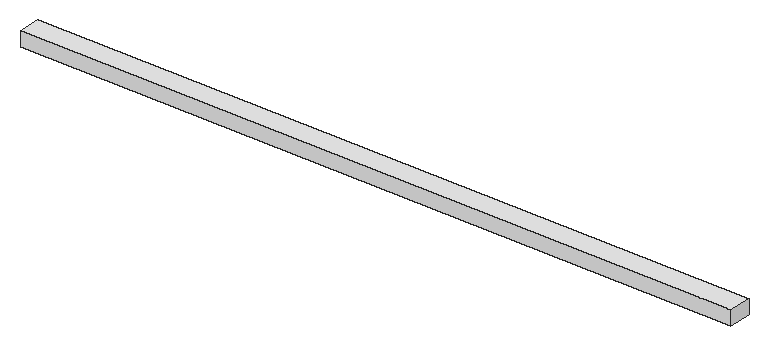
Revit family "Lighting-Surface-Acclaim-Flex 120", category Lighting Fixtures, host Face, Revit 2016
Family settings
  Host = Face
  Part Type = Normal
  Round Connector Dimension = Use Diameter
  Cut with Voids When Loaded = No
  Light Source = Yes
  Shared = No
  Room Calculation Point = No
Parameters
  Width = 0.75"
  Wattage = 9.2903 W
  built-in parameter 1150110 = 1 (stored number, unit not read)
  Voltage = 0 V
  URL = "http://www.acclaimlighting.com/"
  built-in parameter 1114217 = 1 (stored number, unit not read)
  Tilt Angle = 90.00°
  built-in parameter 1150109 = 1 (stored number, unit not read)
  built-in parameter 1150134 = 3
  built-in parameter 1150113 = 1 (stored number, unit not read)
  Power Factor = 1
  Photometric Web File = "Load File"
  Number of Poles = 1
  built-in parameter 1150142 = (empty or 0)
  Model = "Flex 120"
  Manufacturer = "Acclaim Lighting"
  built-in parameter 1150105 = 109.82 (stored number, unit not read)
  Lumens = 1380 lm
  built-in parameter 1150115 = 1 (stored number, unit not read)
  built-in parameter 1150137 = (empty or 0)
  built-in parameter 1150139 = (empty or 0)
  Length = 24.00"
  built-in parameter 1150112 = 1 (stored number, unit not read)
  built-in parameter 1150114 = 1 (stored number, unit not read)
  Lamp = "LED"
  built-in parameter 1150132 = (empty or 0)
  built-in parameter 1150102 = (empty or 0)
  built-in parameter 1150107 = 3200 (stored number, unit not read)
  built-in parameter 1150138 = (empty or 0)
  built-in parameter 1150106 = 1.0982 (stored number, unit not read)
  Housing Finish = Aluminum
  Height = 0.48"
  Emit from Line Length = Length  # 24.00"
  built-in parameter 1150104 = 13.8 (stored number, unit not read)
  Dimming Lamp Color Temperature Shift = <None>
  Description = "Linear LED Strip"
  Default Elevation = 48.00"
  Color Filter = 16777215
  built-in parameter 1114218 = 1 (stored number, unit not read)
  built-in parameter 1150133 = 10 (stored number, unit not read)
  Apparent Load = 0 VA
Reference planes (in)
  plane 1 "Center (Front/Back)": y = 0
  plane 2: z = 0
  plane 3 "Center (Left/Right)": x = 0
  plane 4: z = 0.48
  plane 5: y = 0.375
  plane 6: y = -0.375
  plane 7: x = -12
  plane 8: x = 12
Forms (in)
  Extrusion 1, solid, material "Aluminum"
    sketch origin (0, 0, 0) x (1, 0, 0) y (0, 1, 0)
      loop
        line (-12, 0.375) -> (-12, -0.375) -> (12, -0.375) -> (12, 0.375) -> (-12, 0.375)
    from 0 to 0.48
Dimensions and locks (in)
  equal spacing: plane 5, plane 1 "Center (Front/Back)", plane 6
  "Width": plane 5 to plane 6
  equal spacing: plane 7, plane 3 "Center (Left/Right)", plane 8
  "Length": plane 7 to plane 8
  "Height": plane 4 to host face
  aligned and locked: plane 2 to host face
  aligned and locked: level to host face
  aligned and locked: plane 5 to Extrusion 1 sketch curve
  aligned and locked: plane 7 to Extrusion 1 sketch curve
  aligned and locked: Extrusion 1 sketch curve to plane 6
  aligned and locked: Extrusion 1 sketch curve to plane 8
  aligned and locked: plane 4 to Extrusion 1
  aligned and locked: imposter light to plane 4
Automatic sketch dimensions
  host sketch curve to host sketch curve = 96.00"  (x2)
Connectors (in)
  electrical at (12, 0, 0.24), driven by "Number of Poles", driven by "Voltage", driven by "Apparent Load", driven by "Power Factor"
    settings: on Extrusion 1, index 1, voltage 0 V, apparent load 0 VA, apparent load phase1 0 VA, apparent load phase2 0 VA, apparent load phase3 0 VA, power factor 1, load classification "Other", number of poles 1, system type 31, power factor state 1, is connector primary yes, connector utility no, sub classification motor no, connector description "Power"
